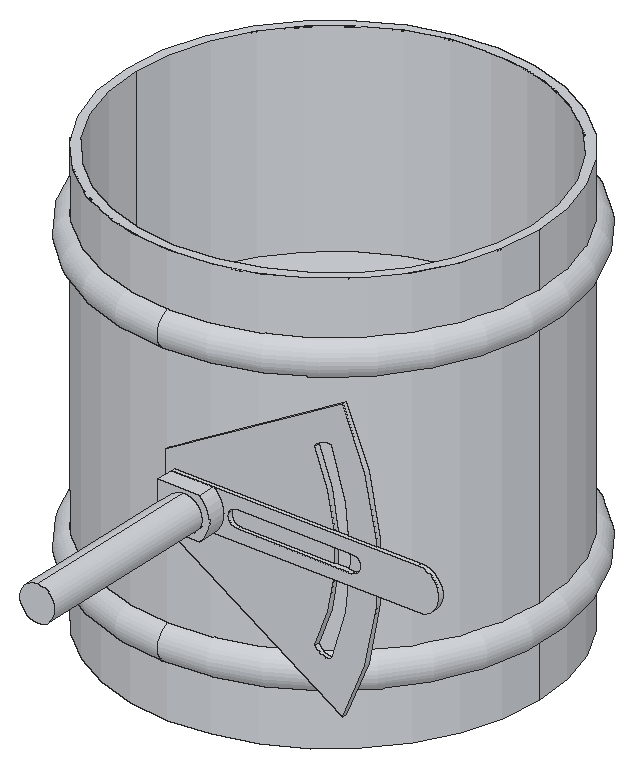
Revit family "CBR", category Air Terminals, Revit 2012
Parameters (values of type "CBR-6")
  URL = "http://www.innes.com.mx"
  Radio medida requerida = 2 15/16"
  Radio int = Radio medida requerida - 1/8"  # 2 13/16"
  Mínima velocidad de cuello = 0 FPM
  Mínima presión estática = 0.00 in-wg
  Máximo nivel d ruido (NC) = ""
  Máxima velocidad de cuello = 0 FPM
  Máxima presión estática = 0.00 in-wg
  Material = ""
  Manufacturer = "INNES"
  Cuello = ""
  Altura perfil B2 = Altura H - 3/4"  # 5 1/4"
  Altura perfil A1 = 3/4"
  Altura compuerta = Altura H / 2  # 3"
  Altura H = 6"
Types (4): name | Radio medida requerida | Radio int | Altura perfil B2 | Altura compuerta | Altura H
  (no name) | 2 15/16" | 2 13/16" | 5 1/4" | 3" | 6"
  CBR-6 | 2 15/16" | 2 13/16" | 5 1/4" | 3" | 6"
  CBR-8 | 3 15/16" | 3 13/16" | 7 1/4" | 4" | 8"
  CBR-10 | 4 15/16" | 4 13/16" | 9 1/4" | 5" | 10"
Reference planes (in)
  plane 1 "Center (Front/Back)": y = 0
  plane 2: z = 0
  plane 3 "Center (Left/Right)": x = 0
  plane 4 "Altura H": z = 6
  plane 5 "Altura perfil B2": z = 5.25
  plane 6 "Altura perfil B1": z = 4.75
  plane 7 "Altura perfil A2": z = 1.25
  plane 8 "Altura perfil A1": z = 0.75
  plane 9 "Perfil int": y = -2.9375
  plane 10 "Altura compuerta": z = 3
  plane 11 "Altura espesor compuerta": z = 3.125
Forms (in)
  Extrusion 1, solid
    sketch origin (0, 0, 0) x (1, 0, 0) y (0, 1, 0)
      loop
        circle (0, 0) r 2.9375
      loop
        circle (0, 0) r 2.8125
    from 0 to 6
  Revolve 2, solid
    sketch origin (0, 0, 0) x (0, 1, 0) y (0, 0, 1)
      loop
        arc (-2.9375, 5.25) -> (-3.12705, 5) -> (-2.9375, 4.75) r 0.25964
        line (-2.9375, 4.75) -> (-2.9375, 5.25)
      axis (0, 4.75) -> (0, 5.25)
    angle from 0 to 360
  Revolve 3, solid
    sketch origin (0, 0, 0) x (0, 1, 0) y (0, 0, 1)
      loop
        arc (-2.9375, 1.25) -> (-3.12524, 1) -> (-2.9375, 0.75) r 0.26032
        line (-2.9375, 0.75) -> (-2.9375, 1.25)
      axis (0, 1.25) -> (0, 0.75)
    angle from 0 to 360
  Extrusion 4, solid
    sketch origin (0, 0, 3) x (-1, 0, 0) y (0, -1, 0)
      loop
        circle (0, 0) r 2.8125
      loop
        circle (0, 2.46781) r 0.125
      loop
        circle (-2.41599, -0.05203) r 0.125
      loop
        circle (2.31163, 0) r 0.125
      loop
        circle (0, -2.37214) r 0.125
    from 0 to 0.125
Dimensions and locks (in)
  "Altura H": plane 4 "Altura H" to level
  "Altura perfil A1": plane 8 "Altura perfil A1" to level
  locked: plane 7 "Altura perfil A2" to plane 8 "Altura perfil A1" at 0.5
  "Altura perfil B2": plane 5 "Altura perfil B2" to level
  locked: plane 5 "Altura perfil B2" to plane 6 "Altura perfil B1" at 0.5
  "Radio medida requerida": plane 1 "Center (Front/Back)" to plane 9 "Perfil int"
  locked: Revolve 2 sketch curve to Revolve 2 sketch curve at 0.5
  locked: Revolve 3 sketch curve to Revolve 3 sketch curve at 0.5
  "Altura compuerta": plane 10 "Altura compuerta" to level
  locked: plane 11 "Altura espesor compuerta" to plane 10 "Altura compuerta" at 0.125
  "Radio medida requerida": radius of Extrusion 1 sketch curve
  "Radio int": radius of Extrusion 1 sketch curve
  radius of Revolve 2 sketch curve = 0.25964"
  radius of Revolve 3 sketch curve = 0.26032"
  "Radio int": radius of Extrusion 4 sketch curve
  aligned and locked: plane 2 to level
  aligned and locked: plane 4 "Altura H" to Extrusion 1
  aligned and locked: Revolve 2 sketch curve to plane 1 "Center (Front/Back)"
  aligned and locked: plane 1 "Center (Front/Back)" to Revolve 3 sketch curve
  aligned and locked: plane 11 "Altura espesor compuerta" to Extrusion 4
  aligned and locked: nested 1 to plane 10 "Altura compuerta"
  aligned and locked: nested 2 to plane 11 "Altura espesor compuerta"
Automatic sketch dimensions
  Extrusion 1 sketch curve to Extrusion 1 sketch curve = 0"  (x2)
  plane 1 "Center (Front/Back)" to Extrusion 1 sketch curve = 0"
  Extrusion 1 sketch curve to plane 3 "Center (Left/Right)" = 0"
  Revolve 2 sketch curve to plane 6 "Altura perfil B1" = 0"
  Revolve 2 sketch curve to plane 9 "Perfil int" = 0"
  Revolve 2 sketch curve to plane 6 "Altura perfil B1" = 1/2"
  plane 7 "Altura perfil A2" to Revolve 2 sketch curve = 1 1/2"
  Revolve 3 sketch curve to plane 8 "Altura perfil A1" = 0"
  Revolve 3 sketch curve to plane 9 "Perfil int" = 0"
  plane 7 "Altura perfil A2" to Revolve 3 sketch curve = 1/2"
  Revolve 3 sketch curve to plane 6 "Altura perfil B1" = 1 1/4"
  Extrusion 4 sketch curve to plane 1 "Center (Front/Back)" = 0.05203"
  Extrusion 4 sketch curve to plane 3 "Center (Left/Right)" = 0"  (x3)
  plane 1 "Center (Front/Back)" to Extrusion 4 sketch curve = 0"  (x2)
  plane 3 "Center (Left/Right)" to Extrusion 4 sketch curve = 2.41599"
  Extrusion 4 sketch curve to Extrusion 4 sketch curve = 2.31163"
  Extrusion 4 sketch curve to plane 1 "Center (Front/Back)" = 2.37214"
  Extrusion 4 sketch curve to plane 9 "Perfil int" = 0.46969"
  radius of Extrusion 4 sketch curve = 1/8"  (x4)
Nested families (in)
  nested 1: "Dispositivo de cierre para CBR" at (0.0187, -2.93744, 3) x (0, 0, -1) z (0.0064, -1, 0), type "Dispositivo de cierre para CBR"
  nested 2: "Ensamble 2 d CBR" at (0.00365, 2.9375, 3.125) x (-1, 0.0012, 0) z (0.0012, 1, 0), type "Ensamble 2 d CBR"
Connectors (in)
  hvac at (0, 0, 6), driven by "Radio medida requerida"
    settings: on Extrusion 1, index 1, duct flow 0 CFM, flow factor 0, pres drop 0.00 in-wg, loss coef 0, conn angle 0.00°, conn width 12", conn height 12", conn radius 2 15/16", duct sys type 1, conn prof type 0, flow config 0, flow direction 0, loss method 0, conn ref index -1, conn util no, is conn primary yes, conn desc ""
Definition of nested family "Dispositivo de cierre para CBR"
  Parameters (values of type "Dispositivo de cierre para CBR")
    Default Elevation = 48"
  Reference planes (in)
    plane 1 "Center (Front/Back)": y = 0
    plane 2: z = 0
    plane 3 "Center (Left/Right)": x = 0
    plane 4 "Altura primera placa": z = 0.0625
    plane 5 "Altura segunda placa": z = 0.125
  Forms (in)
    Extrusion 1, solid
      sketch origin (0, 0, 0) x (1, 0, 0) y (0, 1, 0)
        loop
          line (-48, 48) -> (-48, -48) -> (48, -48) -> (48, 48) -> (-48, 48)
      from 0 to -12
    Extrusion 2, solid
      sketch origin (0, 0, 0) x (1, 0, 0) y (0, 1, 0)
        loop
          line (-0.5, 0) -> (0.5, 0) -> (2.05381, 2.5)
          arc (2.05381, 2.5) -> (0.05381, 3.00664) -> (-1.94619, 2.5) r 4.2009
          line (-1.94619, 2.5) -> (-0.5, 0)
        loop
          arc (-1.26955, 2.11431) -> (0, 2.39924) -> (1.26955, 2.11431) r 2.97077
          arc (1.26955, 2.11431) -> (1.35908, 2.21192) -> (1.36712, 2.34413) r 0.19817
          arc (1.36712, 2.34413) -> (0, 2.62234) -> (-1.36712, 2.34413) r 3.49819
          arc (-1.36712, 2.34413) -> (-1.36085, 2.21117) -> (-1.26955, 2.11431) r 0.19179
        loop
          circle (0, 0.5) r 0.25
      from 0 to 0.0625
    Extrusion 3, solid
      sketch origin (0, 0, 0) x (1, 0, 0) y (0, 1, 0)
        loop
          circle (0, 0.5) r 0.25
      from 0 to 3
    Extrusion 4, solid
      sketch origin (0, 0, 0.0625) x (-1, 0, 0) y (0, -1, 0)
        loop
          circle (0, -0.5) r 0.25
        loop
          line (0.29523, -0.1255) -> (-0.29523, -0.1255) -> (-0.29523, -3.6255)
          arc (-0.29523, -3.6255) -> (0, -3.92072) -> (0.29523, -3.6255) r 0.29523
          line (0.29523, -3.6255) -> (0.29523, -0.1255)
        loop
          line (0.125, -2.68981) -> (0.125, -1.05682)
          arc (0.125, -1.05682) -> (0, -0.93182) -> (-0.125, -1.05682) r 0.125
          line (-0.125, -1.05682) -> (-0.125, -2.68981)
          arc (-0.125, -2.68981) -> (0, -2.81481) -> (0.125, -2.68981) r 0.125
      from 0 to 0.0625
    Extrusion 5, solid
      sketch origin (0, 0, 0.125) x (-1, 0, 0) y (0, -1, 0)
        loop
          line (0.29523, -0.1255) -> (-0.29523, -0.1255) -> (-0.29523, -0.73119)
          arc (-0.29523, -0.73119) -> (0, -0.86169) -> (0.29523, -0.73119) r 0.39921
          line (0.29523, -0.73119) -> (0.29523, -0.1255)
        loop
          circle (0, -0.5) r 0.25
      from 0 to 0.25
  Lines and regions (in)
    model lines
      curve 1: line (-0.29523, 0.1255, 0.0625) -> (0.29523, 0.1255, 0.0625)
      curve 2: line (-0.29523, 0.1255, 0.0625) -> (-0.29523, 3.6255, 0.0625)
      curve 3: line (0.29523, 3.6255, 0.0625) -> (0.29523, 0.1255, 0.0625)
      curve 4: circle (0, 0.5, 0.0625) r 0.25 normal (0, 0, 1)
      curve 5: arc (-0.29523, 3.6255, 0.0625) -> (0, 3.69191, 0.0625) -> (0.29523, 3.6255, 0.0625) r 0.68942
      curve 6: line (0.125, 1.05682, 0.0625) -> (0.125, 2.68981, 0.0625)
      curve 7: line (-0.125, 1.05682, 0.0625) -> (-0.125, 2.68981, 0.0625)
      curve 8: arc (-0.125, 2.68981, 0.0625) -> (0, 2.81481, 0.0625) -> (0.125, 2.68981, 0.0625) r 0.125
      curve 9: arc (-0.125, 1.05682, 0.0625) -> (0, 0.93182, 0.0625) -> (0.125, 1.05682, 0.0625) r 0.125
  Dimensions and locks (in)
    locked: plane 4 "Altura primera placa" to Extrusion 1 at 0.0625
    equal spacing: curve 1, plane 3 "Center (Left/Right)", curve 1
    locked: plane 5 "Altura segunda placa" to plane 4 "Altura primera placa" at 0.0625
    aligned and locked: plane 2 to Extrusion 1
    aligned and locked: level to Extrusion 1
Definition of nested family "Ensamble 2 d CBR"
  Parameters (values of type "Ensamble 2 d CBR")
    Default Elevation = 48"
  Reference planes (in)
    plane 1 "Center (Front/Back)": y = 0
    plane 2: z = 0
    plane 3 "Center (Left/Right)": x = 0
  Forms (in)
    Extrusion 1, solid
      sketch origin (0, 0, 0) x (1, 0, 0) y (0, 1, 0)
        loop
          line (-48, 48) -> (-48, -48) -> (48, -48) -> (48, 48) -> (-48, 48)
      from 0 to -12
    Extrusion 2, solid
      sketch origin (0, 0, 0) x (1, 0, 0) y (0, 1, 0)
        loop
          circle (0, 0) r 0.25
      from 0 to 0.75
  Dimensions and locks (in)
    aligned and locked: plane 2 to Extrusion 1
    aligned and locked: level to Extrusion 1
